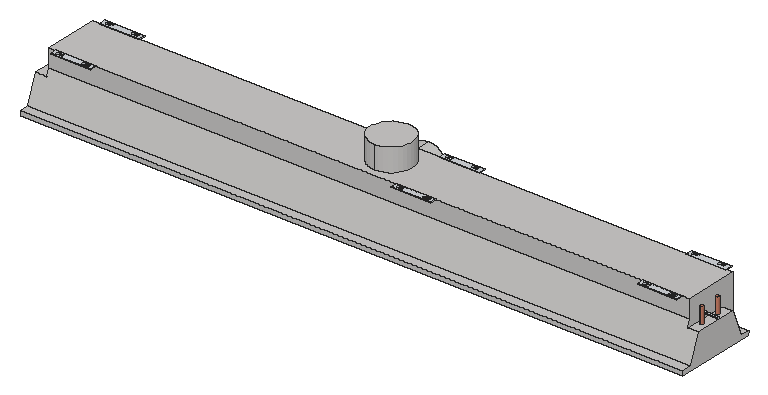
Revit family "HVAC-Chilled_Beam-Dadanco-ACB55", category Mechanical Equipment, Revit 2015
Parameters (values of type "8' Nominal Length")
  Zone Name [instance] = ""
  Zone ID [instance] = ""
  Weight = if(Nominal Unit Length = 2' 0", 40 lbf, if(Nominal Unit Length = 4' 0", 70 lbf, if(Nominal Unit Length = 6' 0", 110 lbf, 0 lbf)))  # 0 lbf
  Unit Width = 1' - 11 3/4"  # constant formula
  Unit Tag [instance] = ""
  Unit Height = 0' - 11 5/64"  # constant formula
  Total Cooling Capacity = 0.0 Btu/h
  Supply Air = 0 CFM
  Sound Level dBA = ""
  Sound Level NC = ""
  Secondary Air Sensible Heating = 0.0 Btu/h
  Secondary Air Sensible Cooling = 0.0 Btu/h
  SHHW Temperature = 0 °F
  SHHW Pressure Drop [instance] = HWPD  # 0 Pa
  SHHW Flow [instance] = HWF  # 0 GPM
  SCHW Temperature = 0 °F
  SCHW Pressure Drop [instance] = CWPD  # 0 Pa
  SCHW Flow [instance] = CWF  # 0 GPM
  Revision Date = "07/19/2010"  # constant formula
  Primary Air Static Pressure [instance] = PASP  # 0.00 in-wg
  Primary Air Inlet Top [instance] = yes
  Primary Air Inlet Size = 0' - 6"
  Primary Air Inlet Back [instance] = yes
  Primary Air Flow Rate [instance] = PA  # 0 CFM
  PASP = 0.00 in-wg
  PA = 0 CFM
  Overall Unit Length = Nominal Unit Length + 0' 2 1/2"  # 8' - 2 1/2"
  Origin1 = Nominal Unit Length / 2  # 4' - 0"
  Nozzle Configuration = ""
  Nominal Unit Length = 8' - 0"
  Net Unit Heating Sensible = 0.0 Btu/h
  Net Unit Cooling Sensible = 0.0 Btu/h
  Model Number = ""
  Unit Length = Nominal Unit Length - 0' 0 1/4"  # 7' - 11 3/4"
  URL = "http://www.dadanco.com/"
  Type Comments = "2-way Discharge Horizontal Coil"
  SHHW Temp Out = 0 °F
  SCHW Temp Out = 0 °F
  Product Page URL = "http://www.activechilledbeam.com/efficient_air_conditioning.asp"
  Latent Cooling = 0.0 Btu/h
  Keynote = "23 37 00.A1"
  Heating Supply Air Temperature = 0 °F
  Heating Room Dry Bulb = 0 °F
  Heating Primary Air Dry Bulb = 0 °F
  HWPD = 0 Pa
  HWF = 0 GPM
  Front Back Air Inlet [instance] = or(Primary Air Inlet Top, Primary Air Inlet Back)  # yes
  Pipe Material = Metal-Dadanco-Copper-Satin
  Pipe Coil Outlet = if(and([4 Pipe Coil Configuration], [0.5 inch SWT Stub Coil Connection]), "4 Pipe Coi, 0.5 inch SWT Stub Coil Connection", if(and([2 Pipe Coil Configuration], [0.5 inch SWT Stub Coil Connection]), "2 Pipe Coi, 0.5 inch SWT Stub Coil Connection", if(and([4 Pipe Coil Configuration], [0.5 inch Male NPT Stub Coil Connection]), "4 Pipe Coi, 0.5 inch Male NPT Stub Coil Connection", if(and([2 Pipe Coil Configuration], [0.5 inch Male NPT Stub Coil Connection]), "2 Pipe Coi, 0.5 inch Male NPT Stub Coil Connection", if(and([4 Pipe Coil Configuration], [0.5 inch Female NPT Stub coil Connection]), "4 Pipe Coi, 0.5 inch Female NPT Stub Coil Connection", if(and([2 Pipe Coil Configuration], [0.5 inch Female NPT Stub coil Connection]), "2 Pipe Coi, 0.5 inch Female NPT Stub Coil Connection", "Not Specified"))))))  # "2 Pipe Coi, 0.5 inch SWT Stub Coil Connection"
  Pipe Coil Inlet = if(and([4 Pipe Coil Configuration], [0.5 inch SWT Stub Coil Connection]), "4 Pipe Coi, 0.5 inch SWT Stub Coil Connection", if(and([2 Pipe Coil Configuration], [0.5 inch SWT Stub Coil Connection]), "2 Pipe Coi, 0.5 inch SWT Stub Coil Connection", if(and([4 Pipe Coil Configuration], [0.5 inch Male NPT Stub Coil Connection]), "4 Pipe Coi, 0.5 inch Male NPT Stub Coil Connection", if(and([2 Pipe Coil Configuration], [0.5 inch Male NPT Stub Coil Connection]), "2 Pipe Coi, 0.5 inch Male NPT Stub Coil Connection", if(and([4 Pipe Coil Configuration], [0.5 inch Female NPT Stub coil Connection]), "4 Pipe Coi, 0.5 inch Female NPT Stub Coil Connection", if(and([2 Pipe Coil Configuration], [0.5 inch Female NPT Stub coil Connection]), "2 Pipe Coi, 0.5 inch Female NPT Stub Coil Connection", "Not Specified"))))))  # "2 Pipe Coi, 0.5 inch SWT Stub Coil Connection"
  Drain Connection [instance] = yes
  Documentation Link = "http://www.dadanco.com/ACB/air_conditioning_literature.asp?productLineID=30"
  Drain Right [instance] = and(Drain, Coil Connection Right)  # yes
  Drain Left [instance] = and(Drain, Coil Connection Left)  # no
  Drain [instance] = Drain Connection  # yes
  Discharge Rear = not(Discharge Front)  # no
  Discharge Front = yes
  Cooling Supply Air Temperature = 0 °F
  Cooling Room Relative Humidity = 0
  Cooling Room Dry Bulb = 0 °F
  Cooling Primary Air Wet Bulb = 0 °F
  Cooling Primary Air Dry Bulb = 0 °F
  Comiss Tube Right [instance] = yes
  Comiss Tube Left [instance] = not(Comiss Tube Right)  # no
  Coil Connection Right [instance] = yes
  Coil Connection Left [instance] = not(Coil Connection Right)  # no
  Coil Length = if(Nominal Unit Length = 2' 0", 2' 0", if(Nominal Unit Length = 4' 0", 3' 4", if(Nominal Unit Length = 6' 0", 5' 4", 0' 0")))  # 0' - 0"
  Model = "ACB40"  # constant formula
  Manufacturer = "Dadanco"  # constant formula
  Housing Material = Metal-Dadanco-Steel-Galvanized
  Description = "Active Chilled Beam"  # constant formula
  Center Bracket = if(or(Nominal Unit Length = 8' 0", Nominal Unit Length = 10' 0"), 1 = 1, 1 = 0)  # yes
  CWPD = 0 Pa
  CWF = 0 GPM
  Architectural Design Manual = "http://www.activechilledbeam.com/efficient_air_conditioning.asp"
  4 Pipe Coil Drain Left [instance] = and(Drain Left, [4 Pipe Coil Configuration])  # no
  4 Pipe Coil Configuration Right [instance] = and([4 Pipe Coil Configuration], Coil Connection Right)  # no
  4 Pipe Coil Configuration Left [instance] = and([4 Pipe Coil Configuration], Coil Connection Left)  # no
  4 Pipe Coil Configuration = if([2 or 4 pipe] = 4, 1 = 1, 1 = 0)  # no
  4 Pipe Coil Drain Right [instance] = and(Drain Right, [4 Pipe Coil Configuration])  # no
  2 or 4 pipe = 2
  2 Pipe Coil Configuration = if([2 or 4 pipe] = 2, 1 = 1, 1 = 0)  # yes
  Assembly Code = "D3040100"
  0.5 inch SWT Stub Coil Connection = not(or([0.5 inch Male NPT Stub Coil Connection], [0.5 inch Female NPT Stub coil Connection]))  # yes
  0.5 inch Male NPT Stub Coil Connection = no
  0.5 inch Female NPT Stub coil Connection = no
Types (6): name | Weight | Primary Air Inlet Back | Overall Unit Length | Origin1 | Nominal Unit Length | Unit Length | Coil Length | Center Bracket
  (no name) | 0 lbf | yes | 8' - 2 1/2" | 4' - 0" | 8' - 0" | 7' - 11 3/4" | 0' - 0" | yes
  4' Nominal Length | 70 lbf | no | 4' - 2 1/2" | 2' - 0" | 4' - 0" | 3' - 11 3/4" | 3' - 4" | no
  2' Nominal Length | 40 lbf | no | 2' - 2 1/2" | 1' - 0" | 2' - 0" | 1' - 11 3/4" | 2' - 0" | no
  6' Nominal Length | 110 lbf | yes | 6' - 2 1/2" | 3' - 0" | 6' - 0" | 5' - 11 3/4" | 5' - 4" | no
  8' Nominal Length | 0 lbf | yes | 8' - 2 1/2" | 4' - 0" | 8' - 0" | 7' - 11 3/4" | 0' - 0" | yes
  10' Nominal Length | 0 lbf | yes | 10' - 2 1/2" | 5' - 0" | 10' - 0" | 9' - 11 3/4" | 0' - 0" | yes
Reference planes (in)
  plane 1 "Center (Front/Back)": y = 0.77127
  plane 2 "Top Face of Plenum": z = 11.07812
  plane 3 "Center (Left/Right)": x = 0.55581
  plane 4 "Right End": x = 48.43081
  plane 5 "Bottom Face": z = 0
  plane 6 "Left End": x = -47.31919
  plane 7: y = -11.10373
  plane 8: z = 6.111
  plane 9: z = 5.047
  plane 10: y = -0.91773
Forms (in)
  Extrusion 1, solid, material "Metal-Dadanco-Steel-Galvanized" <- "Housing Material"
    sketch origin (0.55581, 0, 0) x (0, 1, 0) y (0, 0, 1)
      loop
        line (-5.10373, 0) -> (6.64627, 0) -> (6.64627, 0.63) -> (5.90327, 0.63) -> (5.90327, 7.965) -> (-1.89973, 7.965) -> (-1.89973, 5.308) -> (-3.74273, 0.63) -> (-5.10373, 0.63) -> (-5.10373, 0)
    from -47.875 to 47.875
  Extrusion 2, solid, material "Metal-Dadanco-Steel-Galvanized", visible <- "Primary Air Inlet Back", detail levels medium+fine
    sketch origin (0.55581, 5.90327, 0.63) x (0, 0, 1) y (1, 0, 0)
      loop
        circle (3.6675, 0) r 3
    from 0 to 2.83
  Extrusion 3, void
    sketch origin (48.43081, 0, 0) x (0, -1, 0) y (0, 0, 1)
      loop
        line (1.89973, 7.965) -> (-5.90327, 7.965) -> (-5.90327, 0.63) -> (-5.28527, 0.63) -> (-3.81069, 4.375) -> (2.26731, 4.375) -> (1.89973, 5.308) -> (1.89973, 7.965)
    from 0 to 1.625
  Extrusion 4, void
    sketch origin (-47.31919, 0, 0) x (0, 1, 0) y (0, 0, 1)
      loop
        line (5.90327, 0.63) -> (5.90327, 7.965) -> (-1.89973, 7.965) -> (-1.89973, 5.308) -> (-2.26731, 4.375) -> (3.81069, 4.375) -> (5.28527, 0.63) -> (5.90327, 0.63)
    from 0 to 1.625
  Extrusion 5, solid, material "Metal-Dadanco-Copper-Satin" <- "Pipe Material", visible <- "Coil Connection Left", detail levels medium+fine
    sketch origin (48.43081, -2.26731, 4.375) x (0, 1, 0) y (-1, 0, 0)
      loop
        circle (4.22758, 94.67) r 0.25
    from 0 to 2.14844
  Extrusion 6, solid, material "Metal-Dadanco-Copper-Satin" <- "Pipe Material", visible <- "Coil Connection Left", detail levels medium+fine
    sketch origin (-47.31919, 3.81069, 4.375) x (0, -1, 0) y (1, 0, 0)
      loop
        circle (4.72842, 1.08) r 0.25
    from 0 to 2.14844
  Extrusion 7, solid, material "Metal-Dadanco-Copper-Satin" <- "Pipe Material", visible <- "Coil Connection Right", detail levels medium+fine
    sketch origin (-47.31919, 3.81069, 4.375) x (0, -1, 0) y (1, 0, 0)
      loop
        circle (1.35042, 94.67) r 0.25
    from 0 to 2.14844
  Extrusion 8, solid, material "Metal-Dadanco-Copper-Satin" <- "Pipe Material", visible <- "Coil Connection Right", detail levels medium+fine
    sketch origin (48.43081, -2.26731, 4.375) x (0, 1, 0) y (-1, 0, 0)
      loop
        circle (1.84958, 1.08) r 0.25
    from 0 to 2.14844
  Extrusion 9, solid, material "Metal-Dadanco-Steel-Galvanized", visible <- "Primary Air Inlet Top", detail levels medium+fine
    sketch origin (0.55581, 5.90327, 7.965) x (0, -1, 0) y (1, 0, 0)
      loop
        circle (3.9015, 0) r 3
    from 0 to 3.30078
  Extrusion 10, solid, visible <- "Comiss Tube Right", detail levels fine
    sketch origin (46.80581, 0, 0) x (0, 1, 0) y (0, 0, 1)
      loop
        circle (0.77127, 5.047) r 0.125
    from 0 to 2
  Extrusion 11, solid, visible <- "Comiss Tube Left"
    sketch origin (-45.69419, 0, 0) x (0, -1, 0) y (0, 0, 1)
      loop
        circle (-0.77127, 5.047) r 0.125
    from 0 to 2
  Extrusion 12, solid
    sketch origin (0.55581, 5.90327, 7.965) x (0, -1, 0) y (1, 0, 0)
      loop
        line (7.803, -45.25) -> (8.803, -45.25) -> (8.803, -39.5) -> (7.803, -39.5) -> (7.803, -45.25)
      loop
        arc (8.112, -44.5) -> (8.362, -44.75) -> (8.612, -44.5) r 0.25
        line (8.612, -44.5) -> (8.612, -44)
        arc (8.612, -44) -> (8.362, -43.75) -> (8.112, -44) r 0.25
        line (8.112, -44) -> (8.112, -44.5)
      loop
        arc (8.112, -40.75) -> (8.362, -41) -> (8.612, -40.75) r 0.25
        line (8.612, -40.75) -> (8.612, -40.25)
        arc (8.612, -40.25) -> (8.362, -40) -> (8.112, -40.25) r 0.25
        line (8.112, -40.25) -> (8.112, -40.75)
      loop
        line (7.803, 39.5) -> (8.803, 39.5) -> (8.803, 45.25) -> (7.803, 45.25) -> (7.803, 39.5)
      loop
        arc (8.112, 40.25) -> (8.362, 40) -> (8.612, 40.25) r 0.25
        line (8.612, 40.25) -> (8.612, 40.75)
        arc (8.612, 40.75) -> (8.362, 41) -> (8.112, 40.75) r 0.25
        line (8.112, 40.75) -> (8.112, 40.25)
      loop
        arc (8.112, 44) -> (8.362, 43.75) -> (8.612, 44) r 0.25
        line (8.612, 44) -> (8.612, 44.5)
        arc (8.612, 44.5) -> (8.362, 44.75) -> (8.112, 44.5) r 0.25
        line (8.112, 44.5) -> (8.112, 44)
      loop
        line (-1, 39.5) -> (0, 39.5) -> (0, 45.25) -> (-1, 45.25) -> (-1, 39.5)
      loop
        arc (-0.809, 40.25) -> (-0.559, 40) -> (-0.309, 40.25) r 0.25
        line (-0.309, 40.25) -> (-0.309, 40.75)
        arc (-0.309, 40.75) -> (-0.559, 41) -> (-0.809, 40.75) r 0.25
        line (-0.809, 40.75) -> (-0.809, 40.25)
      loop
        arc (-0.809, 44) -> (-0.559, 43.75) -> (-0.309, 44) r 0.25
        line (-0.309, 44) -> (-0.309, 44.5)
        arc (-0.309, 44.5) -> (-0.559, 44.75) -> (-0.809, 44.5) r 0.25
        line (-0.809, 44.5) -> (-0.809, 44)
      loop
        line (-1, -45.25) -> (0, -45.25) -> (0, -39.5) -> (-1, -39.5) -> (-1, -45.25)
      loop
        arc (-0.809, -44.5) -> (-0.559, -44.75) -> (-0.309, -44.5) r 0.25
        line (-0.309, -44.5) -> (-0.309, -44)
        arc (-0.309, -44) -> (-0.559, -43.75) -> (-0.809, -44) r 0.25
        line (-0.809, -44) -> (-0.809, -44.5)
      loop
        arc (-0.809, -40.75) -> (-0.559, -41) -> (-0.309, -40.75) r 0.25
        line (-0.309, -40.75) -> (-0.309, -40.25)
        arc (-0.309, -40.25) -> (-0.559, -40) -> (-0.809, -40.25) r 0.25
        line (-0.809, -40.25) -> (-0.809, -40.75)
    from 0 to -0.05859
  Extrusion 13, solid, visible <- "Center Bracket"
    sketch origin (0.55581, 5.90327, 7.965) x (0, -1, 0) y (1, 0, 0)
      loop
        line (0, 3.875) -> (0, 9.625) -> (-1, 9.625) -> (-1, 3.875) -> (0, 3.875)
      loop
        line (7.803, 3.875) -> (8.75085, 3.875) -> (8.75085, 9.625) -> (7.803, 9.625) -> (7.803, 3.875)
      loop
        line (-0.309, 4.625) -> (-0.309, 5.125)
        arc (-0.309, 5.125) -> (-0.559, 5.375) -> (-0.809, 5.125) r 0.25
        line (-0.809, 5.125) -> (-0.809, 4.625)
        arc (-0.809, 4.625) -> (-0.559, 4.375) -> (-0.309, 4.625) r 0.25
      loop
        line (-0.309, 8.375) -> (-0.309, 8.875)
        arc (-0.309, 8.875) -> (-0.559, 9.125) -> (-0.809, 8.875) r 0.25
        line (-0.809, 8.875) -> (-0.809, 8.375)
        arc (-0.809, 8.375) -> (-0.559, 8.125) -> (-0.309, 8.375) r 0.25
      loop
        line (8.55985, 4.625) -> (8.55985, 5.125)
        arc (8.55985, 5.125) -> (8.30985, 5.375) -> (8.05985, 5.125) r 0.25
        line (8.05985, 5.125) -> (8.05985, 4.625)
        arc (8.05985, 4.625) -> (8.30985, 4.375) -> (8.55985, 4.625) r 0.25
      loop
        line (8.55985, 8.375) -> (8.55985, 8.875)
        arc (8.55985, 8.875) -> (8.30985, 9.125) -> (8.05985, 8.875) r 0.25
        line (8.05985, 8.875) -> (8.05985, 8.375)
        arc (8.05985, 8.375) -> (8.30985, 8.125) -> (8.55985, 8.375) r 0.25
    from 0 to -0.05859
Cuts and joins
  Extrusion 3, Extrusion 4 cuts Extrusion 1
Lines and regions (in)
  model lines, visible <- "Discharge Front", detail levels medium+fine
    curve 1: line (-47.31919, -3.58173, 0) -> (48.43081, -3.58173, 0)
  model lines, visible <- "Discharge Rear", detail levels medium+fine
    curve 2: line (-47.31919, 5.12427, 0) -> (48.43081, 5.12427, 0)
  symbolic lines, not visible, detail levels medium+fine
    curve 3: arc (0.43081, -5.48123, 9.05812) -> (0.55581, -5.48123, 9.18312) -> (0.68081, -5.48123, 9.05812) r 0.125
    curve 4: arc (0.68081, -5.48123, 9.05812) -> (0.55581, -5.48123, 8.93312) -> (0.43081, -5.48123, 9.05812) r 0.125
  model lines
    curve 5: line (48.43081, 6.64627, 0) -> (-47.31919, 6.64627, 0)
    curve 6: line (48.43081, -5.10373, 0) -> (48.43081, 6.64627, 0)
    curve 7: line (-47.31919, -5.10373, 0) -> (48.43081, -5.10373, 0)
    curve 8: line (-47.31919, 6.64627, 0) -> (-47.31919, -5.10373, 0)
Dimensions and locks (in)
  equal spacing: plane 6 "Left End", plane 3 "Center (Left/Right)", plane 4 "Right End"
  "Unit Length": plane 6 "Left End" to plane 4 "Right End"
  "Unit Height": plane 2 "Top Face of Plenum" to plane 5 "Bottom Face"
  locked: Extrusion 2 to Extrusion 2 at 2.83
  plane 7 to plane 1 "Center (Front/Back)" = 0' - 11 7/8"
  plane 5 "Bottom Face" to plane 8 = 0' - 6.111"
  locked: plane 3 "Center (Left/Right)" to Extrusion 2 sketch curve at 0
  locked: Extrusion 9 sketch curve to plane 3 "Center (Left/Right)" at 0
  locked: Extrusion 1 sketch curve to Extrusion 1 sketch curve at 7.803
  locked: Extrusion 1 sketch curve to Extrusion 1 sketch curve at 7.335
  locked: plane 5 "Bottom Face" to Extrusion 1 sketch curve at 0.63  (x2)
  locked: Extrusion 1 sketch curve to Extrusion 1 sketch curve at 1.361
  locked: Extrusion 1 sketch curve to Extrusion 1 sketch curve at 0.743
  locked: Extrusion 1 sketch curve to Extrusion 1 sketch curve at 11.75
  locked: Extrusion 1 sketch curve to Extrusion 1 sketch curve at 2.657
  locked: Extrusion 1 sketch curve to Extrusion 1 sketch curve at 5.02796
  locked: Extrusion 3 sketch curve to Extrusion 3 sketch curve at 6.078
  locked: Extrusion 3 sketch curve to Extrusion 3 sketch curve at 0.618
  locked: plane 5 "Bottom Face" to Extrusion 3 sketch curve at 4.375
  locked: Extrusion 3 sketch curve to Extrusion 3 sketch curve at 4.02485
  locked: Extrusion 3 sketch curve to Extrusion 3 sketch curve at 2.657
  locked: Extrusion 3 sketch curve to Extrusion 3 sketch curve at 7.335
  locked: Extrusion 3 sketch curve to Extrusion 3 sketch curve at 1.0028
  locked: cut or joined group of Extrusion 1, Extrusion 3, Extrusion 4 to cut or joined group of Extrusion 1, Extrusion 3, Extrusion 4 at 7.803
  locked: Extrusion 4 sketch curve to Extrusion 4 sketch curve at 6.078
  locked: Extrusion 4 sketch curve to Extrusion 4 sketch curve at 1.0028
  locked: Extrusion 4 sketch curve to Extrusion 4 sketch curve at 4.02485
  locked: Extrusion 4 sketch curve to Extrusion 4 sketch curve at 0.618
  locked: Extrusion 4 sketch curve to Extrusion 4 sketch curve at 7.335
  equal spacing: cut or joined group of Extrusion 1, Extrusion 3, Extrusion 4, Extrusion 2 sketch curve, cut or joined group of Extrusion 1, Extrusion 3, Extrusion 4
  equal spacing: cut or joined group of Extrusion 1, Extrusion 3, Extrusion 4, Extrusion 9 sketch curve, cut or joined group of Extrusion 1, Extrusion 3, Extrusion 4
  locked: Extrusion 12 sketch curve to Extrusion 12 sketch curve at 5.75  (x4)
  locked: cut or joined group of Extrusion 1, Extrusion 3, Extrusion 4 to Extrusion 12 sketch curve at 2.625
  locked: Extrusion 12 sketch curve to Extrusion 12 sketch curve at 0.5  (x16)
  locked: Extrusion 12 sketch curve to Extrusion 12 sketch curve at 0.191  (x8)
  locked: Extrusion 12 sketch curve to Extrusion 12 sketch curve at 0.75  (x8)
  locked: Extrusion 12 sketch curve to cut or joined group of Extrusion 1, Extrusion 3, Extrusion 4 at 2.625  (x2)
  locked: Extrusion 12 sketch curve to Extrusion 12 sketch curve at 1  (x2)
  locked: Extrusion 12 sketch curve to cut or joined group of Extrusion 1, Extrusion 3, Extrusion 4 at 0
  locked: cut or joined group of Extrusion 1, Extrusion 3, Extrusion 4 to Extrusion 5 sketch curve at 4.686
  locked: cut or joined group of Extrusion 1, Extrusion 3, Extrusion 4 to Extrusion 5 sketch curve at 1.08
  locked: Extrusion 7 sketch curve to cut or joined group of Extrusion 1, Extrusion 3, Extrusion 4 at 1.08
  locked: cut or joined group of Extrusion 1, Extrusion 3, Extrusion 4 to Extrusion 7 sketch curve at 4.186
  locked: cut or joined group of Extrusion 1, Extrusion 3, Extrusion 4 to Extrusion 8 sketch curve at 4.686
  locked: Extrusion 8 sketch curve to cut or joined group of Extrusion 1, Extrusion 3, Extrusion 4 at 1.08
  locked: cut or joined group of Extrusion 1, Extrusion 3, Extrusion 4 to Extrusion 6 sketch curve at 1.08
  locked: cut or joined group of Extrusion 1, Extrusion 3, Extrusion 4 to Extrusion 6 sketch curve at 4.186
  locked: Extrusion 13 sketch curve to Extrusion 13 sketch curve at 5.75
  locked: plane 3 "Center (Left/Right)" to Extrusion 13 sketch curve at 3.875
  Extrusion 13 sketch curve to Extrusion 13 sketch curve = 0' - 1"
  locked: Extrusion 13 sketch curve to Extrusion 13 sketch curve at 0.5  (x8)
  locked: Extrusion 13 sketch curve to Extrusion 13 sketch curve at 0.191  (x4)
  locked: Extrusion 13 sketch curve to Extrusion 13 sketch curve at 0.75  (x4)
  aligned and locked: plane 5 "Bottom Face" to level
  aligned and locked: Extrusion 1 to plane 6 "Left End"
  aligned and locked: Extrusion 1 to plane 4 "Right End"
  aligned and locked: cut or joined group of Extrusion 1, Extrusion 3, Extrusion 4 to Extrusion 13 sketch curve
  aligned and locked: Extrusion 13 sketch curve to Extrusion 13 sketch curve  (x2)
Automatic sketch dimensions
  curve 4 to plane 3 "Center (Left/Right)" = 0' - 0"
  curve 4 to plane 2 "Top Face of Plenum" = 0' - 2.02"
  plane 3 "Center (Left/Right)" to curve 4 = 0' - 0 1/8"
  level to Extrusion 1 sketch curve = 0' - 0"
  plane 1 "Center (Front/Back)" to Extrusion 1 sketch curve = 0' - 5 7/8"
  curve 1 to plane 4 "Right End" = 0' - 0"
  curve 2 to plane 4 "Right End" = 0' - 0"
  curve 2 to plane 6 "Left End" = 0' - 0"
  curve 1 to plane 6 "Left End" = 0' - 0"
  curve 1 to plane 1 "Center (Front/Back)" = 0' - 4.353"
  plane 1 "Center (Front/Back)" to curve 2 = 0' - 4.353"
  Extrusion 3 sketch curve to Extrusion 1 = 0' - 0"
  Extrusion 1 to Extrusion 3 sketch curve = 0' - 0"
  Extrusion 1 to Extrusion 4 sketch curve = 0' - 0"  (x3)
  Extrusion 4 sketch curve to Extrusion 1 = 0' - 0"
  Extrusion 10 sketch curve to Extrusion 3 = 0' - 0.672"
  Extrusion 10 sketch curve to Extrusion 3 = 0' - 2.671"
  Extrusion 11 sketch curve to Extrusion 4 = 0' - 0.672"
  Extrusion 11 sketch curve to Extrusion 4 = 0' - 2.671"
  Extrusion 1 to Extrusion 12 sketch curve = 0' - 0"  (x3)
  Extrusion 1 to Extrusion 12 sketch curve = 0' - 0.309"  (x2)
  Extrusion 1 to Extrusion 12 sketch curve = 0' - 2 5/8"
  Extrusion 1 to Extrusion 13 sketch curve = 0' - 0"
  Extrusion 1 to Extrusion 13 sketch curve = 0' - 0.25685"
  curve 8 to Extrusion 1 = 0' - 0"  (x2)
  curve 7 to Extrusion 1 = 0' - 0"
  curve 6 to Extrusion 1 = 0' - 0"
  radius of Extrusion 2 sketch curve = 0' - 3"
  radius of Extrusion 6 sketch curve = 0' - 0 1/4"
  radius of Extrusion 8 sketch curve = 0' - 0 1/4"
  radius of Extrusion 9 sketch curve = 0' - 3"
  radius of Extrusion 10 sketch curve = 0' - 0 1/8"
  radius of Extrusion 11 sketch curve = 0' - 0 1/8"
  radius of Extrusion 5 sketch curve = 0' - 0 1/4"
  radius of Extrusion 7 sketch curve = 0' - 0 1/4"
Connectors (in)
  hvac at (0.55581, 8.73327, 4.2975), driven by "Primary Air Flow Rate", driven by "Primary Air Static Pressure", driven by "Primary Air Inlet Size"
    settings: on Extrusion 2, index 3, duct flow 0 CFM, flow factor 0, pres drop 0.00 in-wg, loss coef 0, conn angle 0.00°, conn width 7 215/256", conn height 2 41/64", conn diameter 6", duct sys type 1, conn prof type 0, flow config 1, flow direction 1, loss method 4, conn ref index -1, conn util no, is conn primary yes, conn desc "Primary Air Inlet Back (E)"
  piping at (47.35081, -0.41773, 6.52344), diameter 0.5, driven by "SCHW Flow"
    settings: on Extrusion 8, index 13, connector inside diameter 24", connector length 0' - 0", flow factor 0, pipe flow 0 GPM, pressure drop 0 Pa, fitting loss kfactor 0, connector angle 0.00°, fixture units 0, engagement length 0' - 0", angle of deflection 0.00°, flow configuration 1, flow direction 1, fitting loss method 0, system type 7, joint type 0, gender type 0, connector reference index -1, connector utility 0, adjustable connector no, is connector primary yes, connector description "SCHW Supply Right"
  piping at (47.35081, 2.46027, 6.52344), diameter 0.5, driven by "SCHW Flow", driven by "SCHW Pressure Drop"
    settings: on Extrusion 7, index 16, connector inside diameter 24", connector length 0' - 0", flow factor 0, pipe flow 0 GPM, pressure drop 0 Pa, fitting loss kfactor 0, connector angle 0.00°, fixture units 0, engagement length 0' - 0", angle of deflection 0.00°, flow configuration 1, flow direction 2, fitting loss method 4, system type 8, joint type 0, gender type 0, connector reference index -1, connector utility 0, adjustable connector no, is connector primary no, connector description "SCHW Return Right"
  piping at (-46.23919, 1.96027, 6.52344), diameter 0.5, driven by "SCHW Flow", driven by "SCHW Pressure Drop"
    settings: on Extrusion 5, index 17, connector inside diameter 24", connector length 0' - 0", flow factor 0, pipe flow 0 GPM, pressure drop 0 Pa, fitting loss kfactor 0, connector angle 0.00°, fixture units 0, engagement length 0' - 0", angle of deflection 0.00°, flow configuration 1, flow direction 2, fitting loss method 4, system type 8, joint type 0, gender type 0, connector reference index -1, connector utility 0, adjustable connector no, is connector primary no, connector description "SCHW Return Left"
  piping at (-46.23919, -0.91773, 6.52344), diameter 0.5, driven by "SCHW Flow"
    settings: on Extrusion 6, index 20, connector inside diameter 24", connector length 0' - 0", flow factor 0, pipe flow 0 GPM, pressure drop 0 Pa, fitting loss kfactor 0, connector angle 0.00°, fixture units 0, engagement length 0' - 0", angle of deflection 0.00°, flow configuration 1, flow direction 1, fitting loss method 0, system type 7, joint type 0, gender type 0, connector reference index -1, connector utility 0, adjustable connector no, is connector primary no, connector description "SCHW Supply Left"
  hvac at (0.55581, 2.00177, 11.26578), driven by "Primary Air Static Pressure", driven by "Primary Air Flow Rate", driven by "Primary Air Inlet Size"
    settings: on Extrusion 9, index 21, duct flow 0 CFM, flow factor 0, pres drop 0.00 in-wg, loss coef 0, conn angle 0.00°, conn width 12", conn height 12", conn diameter 6", duct sys type 1, conn prof type 0, flow config 1, flow direction 1, loss method 4, conn ref index -1, conn util no, is conn primary no, conn desc "Primary Air Inlet Top"
